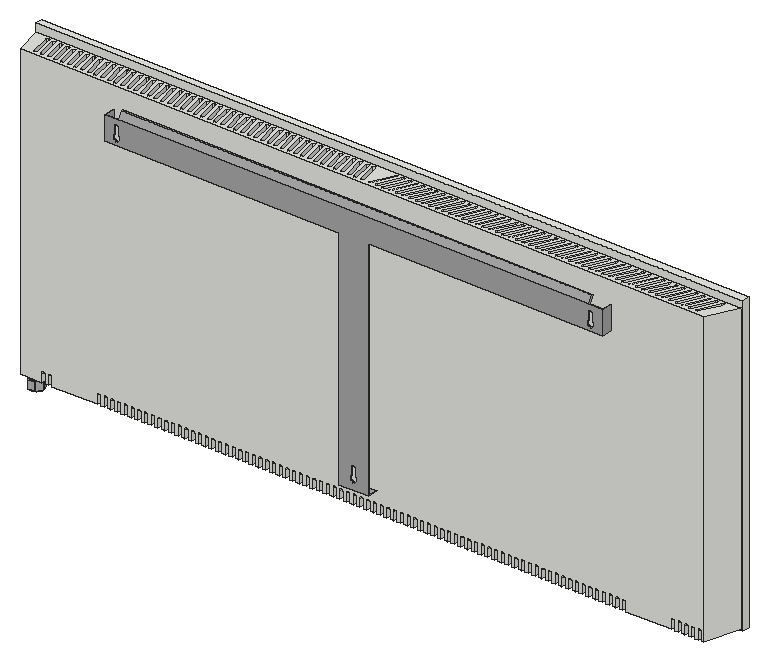
Revit family "Modern Plus", category Mechanical Equipment, host Wall, Revit 2020 (continued)
Definition of nested family "MDN 750 PLUS"
  Forms (mm)
    Revolve 62, void
      sketch origin (492.5, 200, 2) x (1, 0, 0) y (0, 1, 0)
        loop
          line (-345, -164.5) -> (-345, -177)
          arc (-345, -177) -> (-342.5, -179.5) -> (-340, -177) r 2.5
          line (-340, -177) -> (-340, -164.5) -> (-345, -164.5)
        axis (-345, -164.5) -> (-340, -164.5)
      angle from 0 to -90
    Revolve 63, void
      sketch origin (482.5, 200, 2) x (1, 0, 0) y (0, 1, 0)
        loop
          line (-345, -164.5) -> (-345, -177)
          arc (-345, -177) -> (-342.5, -179.5) -> (-340, -177) r 2.5
          line (-340, -177) -> (-340, -164.5) -> (-345, -164.5)
        axis (-345, -164.5) -> (-340, -164.5)
      angle from 0 to -90
    Revolve 64, void
      sketch origin (512.5, 200, 2) x (1, 0, 0) y (0, 1, 0)
        loop
          line (-345, -164.5) -> (-345, -177)
          arc (-345, -177) -> (-342.5, -179.5) -> (-340, -177) r 2.5
          line (-340, -177) -> (-340, -164.5) -> (-345, -164.5)
        axis (-345, -164.5) -> (-340, -164.5)
      angle from 0 to -90
    Revolve 65, void
      sketch origin (502.5, 200, 2) x (1, 0, 0) y (0, 1, 0)
        loop
          line (-345, -164.5) -> (-345, -177)
          arc (-345, -177) -> (-342.5, -179.5) -> (-340, -177) r 2.5
          line (-340, -177) -> (-340, -164.5) -> (-345, -164.5)
        axis (-345, -164.5) -> (-340, -164.5)
      angle from 0 to -90
    Revolve 66, void
      sketch origin (522.5, 200, 2) x (1, 0, 0) y (0, 1, 0)
        loop
          line (-345, -164.5) -> (-345, -177)
          arc (-345, -177) -> (-342.5, -179.5) -> (-340, -177) r 2.5
          line (-340, -177) -> (-340, -164.5) -> (-345, -164.5)
        axis (-345, -164.5) -> (-340, -164.5)
      angle from 0 to -90
    Revolve 67, void
      sketch origin (542.5, 200, 2) x (1, 0, 0) y (0, 1, 0)
        loop
          line (-345, -164.5) -> (-345, -177)
          arc (-345, -177) -> (-342.5, -179.5) -> (-340, -177) r 2.5
          line (-340, -177) -> (-340, -164.5) -> (-345, -164.5)
        axis (-345, -164.5) -> (-340, -164.5)
      angle from 0 to -90
    Revolve 68, void
      sketch origin (532.5, 200, 2) x (1, 0, 0) y (0, 1, 0)
        loop
          line (-345, -164.5) -> (-345, -177)
          arc (-345, -177) -> (-342.5, -179.5) -> (-340, -177) r 2.5
          line (-340, -177) -> (-340, -164.5) -> (-345, -164.5)
        axis (-345, -164.5) -> (-340, -164.5)
      angle from 0 to -90
    Revolve 69, void
      sketch origin (562.5, 200, 2) x (1, 0, 0) y (0, 1, 0)
        loop
          line (-345, -164.5) -> (-345, -177)
          arc (-345, -177) -> (-342.5, -179.5) -> (-340, -177) r 2.5
          line (-340, -177) -> (-340, -164.5) -> (-345, -164.5)
        axis (-345, -164.5) -> (-340, -164.5)
      angle from 0 to -90
    Revolve 70, void
      sketch origin (552.5, 200, 2) x (1, 0, 0) y (0, 1, 0)
        loop
          line (-345, -164.5) -> (-345, -177)
          arc (-345, -177) -> (-342.5, -179.5) -> (-340, -177) r 2.5
          line (-340, -177) -> (-340, -164.5) -> (-345, -164.5)
        axis (-345, -164.5) -> (-340, -164.5)
      angle from 0 to -90
    Revolve 71, void
      sketch origin (572.5, 200, 2) x (1, 0, 0) y (0, 1, 0)
        loop
          line (-345, -164.5) -> (-345, -177)
          arc (-345, -177) -> (-342.5, -179.5) -> (-340, -177) r 2.5
          line (-340, -177) -> (-340, -164.5) -> (-345, -164.5)
        axis (-345, -164.5) -> (-340, -164.5)
      angle from 0 to -90
    Revolve 72, void
      sketch origin (582.5, 200, 2) x (1, 0, 0) y (0, 1, 0)
        loop
          line (-345, -164.5) -> (-345, -177)
          arc (-345, -177) -> (-342.5, -179.5) -> (-340, -177) r 2.5
          line (-340, -177) -> (-340, -164.5) -> (-345, -164.5)
        axis (-345, -164.5) -> (-340, -164.5)
      angle from 0 to -90
    Extrusion 73, void
      sketch origin (0, 0, 0) x (1, 0, 0) y (0, 1, 0)
        loop
          circle (286, -13) r 2
        loop
          circle (264, -13) r 2
        loop
          circle (286, 21) r 2
        loop
          circle (264, 21) r 2
        loop
          circle (-264, -13) r 2
        loop
          circle (-286, -13) r 2
        loop
          circle (-264, 21) r 2
        loop
          circle (-286, 21) r 2
      from 2 to 7
    Extrusion 74, solid, material <- "Zwart"
      sketch origin (0, 0, 0) x (1, 0, 0) y (0, 1, 0)
        loop
          circle (357, -0.5) r 7
      from 0.5 to 2
    Revolve 75, solid, material <- "Colour"
      sketch origin (357, 0, 0) x (0, 1, 0) y (0, 0, 1)
        loop
          line (-0.5, 0.5) -> (-0.5, -21.5)
          arc (-0.5, -21.5) -> (1.621, -20.621) -> (2.5, -18.5) r 3
          line (2.5, -18.5) -> (2.5, 0.5) -> (-0.5, 0.5)
        axis (-0.5, 0.5) -> (-0.5, -21.5)
      angle from 0 to 360
    Extrusion 76, solid, material <- "Beugel"
      sketch origin (0, 0, 0) x (1, 0, 0) y (0, 0, 1)
        loop
          line (-201, 412) -> (-201, 402) -> (-222, 402) -> (-222, 367) -> (-22, 367) -> (-22, 32) -> (22, 32) -> (22, 367) -> (222, 367) -> (222, 402) -> (201, 402) -> (201, 412) -> (-201, 412)
        loop
          arc (-3, 51) -> (0, 42) -> (3, 51) r 5
          line (3, 51) -> (3, 62)
          arc (3, 62) -> (0, 65) -> (-3, 62) r 3
          line (-3, 62) -> (-3, 51)
        loop
          arc (-210, 381) -> (-207, 372) -> (-204, 381) r 5
          line (-204, 381) -> (-204, 392)
          arc (-204, 392) -> (-207, 395) -> (-210, 392) r 3
          line (-210, 392) -> (-210, 381)
        loop
          arc (204, 381) -> (207, 372) -> (210, 381) r 5
          line (210, 381) -> (210, 392)
          arc (210, 392) -> (207, 395) -> (204, 392) r 3
          line (204, 392) -> (204, 381)
      from -50.5 to -35.5
    Extrusion 77, void
      sketch origin (0, 0, 0) x (0, 1, 0) y (0, 0, 1)
        loop
          line (50.5, 412) -> (44.5, 412) -> (50.5, 402) -> (50.5, 412)
      from -201 to 201
    Extrusion 78, void
      sketch origin (0, 0, 0) x (0, 1, 0) y (0, 0, 1)
        loop
          line (35.5, 412) -> (35.5, 32.8) -> (49.7, 32.8) -> (49.7, 401.778) -> (43.567, 412) -> (35.5, 412)
      from -221.2 to 221.2
  Cuts and joins
    Sweep 2, Blend 3, Blend 4, Blend 5, Blend 6, Extrusion 7, Extrusion 14, Extrusion 15 cuts Extrusion 1
    Extrusion 11, Extrusion 12, Extrusion 13, Extrusion 16, Revolve 17, Revolve 18, Revolve 19, Revolve 20, Revolve 21, Revolve 22, Revolve 23, Revolve 24, Revolve 25, Revolve 26, Revolve 27, Revolve 28, Revolve 29, Revolve 30, Revolve 31, Revolve 32, Revolve 33, Revolve 34, Revolve 35, Revolve 36, Revolve 37, Revolve 38, Revolve 39, Revolve 40, Revolve 41, Revolve 42, Revolve 43, Revolve 44, Revolve 45, Revolve 46, Revolve 47, Revolve 48, Revolve 49, Revolve 50, Revolve 51, Revolve 52, Revolve 53, Revolve 54, Revolve 55, Revolve 56, Revolve 57, Revolve 58, Revolve 59, Revolve 60, Revolve 61, Revolve 62, Revolve 63, Revolve 64, Revolve 65, Revolve 66, Revolve 67, Revolve 68, Revolve 69, Revolve 70, Revolve 71, Revolve 72, Extrusion 73 cuts Extrusion 10
    Extrusion 77, Extrusion 78 cuts Extrusion 76
  Lines and regions (mm)
    sketch lines
      curve 1: line (375, -35.5, 440) -> (-375, -35.5, 440)
      curve 2: line (375, -35.5, 0) -> (375, -35.5, 440)
      curve 3: line (-375, -35.5, 0) -> (375, -35.5, 0)
      curve 4: line (-375, -35.5, 440) -> (-375, -35.5, 0)
  Dimensions and locks
    equal spacing: plane 8, plane 1 "Center (Front/Back)", plane 7
    "Diepte": plane 8 to plane 7
    equal spacing: plane 5, plane 3 "Center (Left/Right)", plane 4
    "Breedte": plane 5 to plane 4
    "Hoogte": plane 6 to level
    aligned and locked: level to plane 2
    aligned and locked: profile plane to Sweep 2 sketch curve  (x2)
  Automatic sketch dimensions
    Extrusion 1 sketch curve to level = 0 mm
    Extrusion 1 sketch curve to plane 5 = 0 mm
    Extrusion 1 sketch curve to plane 4 = 0 mm
    Extrusion 1 sketch curve to plane 6 = 0 mm
    profile plane to Sweep 2 sketch curve = 10 mm
    Sweep 2 sketch curve to profile plane = 10 mm
    Blend 3 sketch curve to plane 4 = 61 mm
    Blend 3 sketch curve to Blend 3 sketch curve = 1 mm  (x4)
    level to Blend 3 sketch curve = 62 mm
    Blend 3 sketch curve to plane 6 = 162 mm
    Blend 3 sketch curve to plane 4 = 64 mm
    Blend 3 sketch curve to Blend 3 sketch curve = 5 mm  (x2)
    level to Blend 3 sketch curve = 60 mm
    Blend 3 sketch curve to plane 6 = 161 mm
    plane 5 to Blend 4 sketch curve = 60 mm
    Blend 4 sketch curve to Blend 4 sketch curve = 1 mm  (x4)
    level to Blend 4 sketch curve = 62 mm
    Blend 4 sketch curve to plane 6 = 52 mm
    plane 5 to Blend 4 sketch curve = 57 mm
    Blend 4 sketch curve to Blend 4 sketch curve = 5 mm  (x2)
    level to Blend 4 sketch curve = 60 mm
    Blend 4 sketch curve to plane 6 = 51 mm
    Blend 5 sketch curve to plane 3 "Center (Left/Right)" = 106 mm
    Blend 5 sketch curve to Blend 5 sketch curve = 1 mm  (x4)
    level to Blend 5 sketch curve = 62 mm
    Blend 5 sketch curve to plane 6 = 52 mm
    Blend 5 sketch curve to plane 3 "Center (Left/Right)" = 109 mm
    Blend 5 sketch curve to Blend 5 sketch curve = 5 mm  (x2)
    level to Blend 5 sketch curve = 60 mm
    Blend 5 sketch curve to plane 6 = 51 mm
    plane 3 "Center (Left/Right)" to Blend 6 sketch curve = 105 mm
    Blend 6 sketch curve to Blend 6 sketch curve = 1 mm  (x4)
    level to Blend 6 sketch curve = 62 mm
    Blend 6 sketch curve to plane 6 = 52 mm
    plane 3 "Center (Left/Right)" to Blend 6 sketch curve = 102 mm
    Blend 6 sketch curve to Blend 6 sketch curve = 5 mm  (x2)
    level to Blend 6 sketch curve = 60 mm
    Blend 6 sketch curve to plane 6 = 51 mm
    Extrusion 7 sketch curve to plane 4 = 80 mm
    Extrusion 7 sketch curve to plane 4 = 40 mm
    Extrusion 7 sketch curve to plane 6 = 104 mm
    Extrusion 7 sketch curve to Extrusion 7 sketch curve = 40 mm
    Extrusion 8 sketch curve to plane 4 = 80 mm
    Extrusion 8 sketch curve to plane 4 = 40 mm
    Extrusion 8 sketch curve to plane 6 = 104 mm
    Extrusion 8 sketch curve to Extrusion 8 sketch curve = 40 mm
    Extrusion 9 sketch curve to plane 4 = 77.5 mm
    Extrusion 9 sketch curve to Extrusion 9 sketch curve = 0 mm  (x3)
    Extrusion 9 sketch curve to Extrusion 9 sketch curve = 2.8 mm  (x5)
    Extrusion 9 sketch curve to Extrusion 9 sketch curve = 7.9 mm  (x2)
    Extrusion 9 sketch curve to Extrusion 9 sketch curve = 8 mm  (x2)
    Extrusion 9 sketch curve to plane 6 = 123.5 mm
    Extrusion 9 sketch curve to Extrusion 9 sketch curve = 2.5 mm  (x6)
    Extrusion 9 sketch curve to Extrusion 9 sketch curve = 3.5 mm  (x4)
    Extrusion 10 sketch curve to plane 7 = 0 mm
    level to Extrusion 10 sketch curve = 2 mm
    Extrusion 10 sketch curve to plane 8 = 10 mm
    Extrusion 10 sketch curve to plane 6 = 11.98 mm
    Extrusion 10 sketch curve to plane 6 = 6 mm
    plane 7 to Extrusion 11 sketch curve = 0 mm
    Extrusion 11 sketch curve to plane 4 = 17.592 mm
    Extrusion 11 sketch curve to plane 4 = 2 mm
    plane 1 "Center (Front/Back)" to Extrusion 11 sketch curve = 15.5 mm
    plane 7 to Extrusion 12 sketch curve = 0 mm
    Extrusion 12 sketch curve to plane 5 = 17.592 mm
    Extrusion 12 sketch curve to plane 5 = 2 mm
    Extrusion 12 sketch curve to plane 1 "Center (Front/Back)" = 15.5 mm
    plane 1 "Center (Front/Back)" to Extrusion 13 sketch curve = 6.378 mm  (x70)
    plane 5 to Extrusion 13 sketch curve = 19.789 mm
    Extrusion 13 sketch curve to Extrusion 13 sketch curve = 2.391 mm  (x280)
    plane 1 "Center (Front/Back)" to Extrusion 13 sketch curve = 7.84 mm  (x69)
    Extrusion 13 sketch curve to Extrusion 13 sketch curve = 5.118 mm  (x136)
    plane 7 to Extrusion 13 sketch curve = 8.408 mm  (x68)
    plane 5 to Extrusion 13 sketch curve = 30.022 mm
    plane 7 to Extrusion 13 sketch curve = 9.87 mm  (x68)
    plane 3 "Center (Left/Right)" to Extrusion 13 sketch curve = 3.597 mm
    plane 3 "Center (Left/Right)" to Extrusion 13 sketch curve = 13.83 mm
    Extrusion 13 sketch curve to Extrusion 13 sketch curve = 1.462 mm  (x2)
    Extrusion 13 sketch curve to Extrusion 13 sketch curve = 0 mm
    Extrusion 13 sketch curve to Extrusion 13 sketch curve = 0.731 mm  (x2)
    Extrusion 14 sketch curve to plane 8 = 10 mm
    Extrusion 14 sketch curve to plane 4 = 122 mm
    plane 1 "Center (Front/Back)" to Extrusion 14 sketch curve = 15.5 mm
    Extrusion 14 sketch curve to Extrusion 14 sketch curve = 44 mm
    plane 8 to Extrusion 15 sketch curve = 10 mm
    Extrusion 15 sketch curve to plane 5 = 122 mm
    Extrusion 15 sketch curve to plane 1 "Center (Front/Back)" = 15.5 mm
    Extrusion 15 sketch curve to Extrusion 15 sketch curve = 44 mm
    plane 5 to Extrusion 16 sketch curve = 25 mm
    Extrusion 16 sketch curve to Extrusion 16 sketch curve = 2.5 mm  (x57)
    Extrusion 16 sketch curve to Extrusion 16 sketch curve = 5 mm  (x54)
    plane 1 "Center (Front/Back)" to Extrusion 16 sketch curve = 9 mm  (x31)
    Extrusion 16 sketch curve to Extrusion 16 sketch curve = 57.967 mm
    Extrusion 16 sketch curve to Extrusion 16 sketch curve = 2.266 mm
    plane 3 "Center (Left/Right)" to Extrusion 16 sketch curve = 2.5 mm
    Extrusion 16 sketch curve to Extrusion 16 sketch curve = 57.5 mm
    Extrusion 16 sketch curve to Extrusion 16 sketch curve = 0 mm  (x76)
    Extrusion 16 sketch curve to plane 1 "Center (Front/Back)" = 16 mm  (x9)
    plane 7 to Revolve 17 sketch curve = 0 mm  (x2)
    plane 5 to Revolve 17 sketch curve = 30 mm
    Revolve 17 sketch curve to Revolve 17 sketch curve = 2.5 mm  (x3)
    plane 7 to Revolve 17 sketch curve = 12.5 mm
    plane 7 to Revolve 18 sketch curve = 0 mm  (x2)
    plane 5 to Revolve 18 sketch curve = 20 mm
    Revolve 18 sketch curve to Revolve 18 sketch curve = 2.5 mm  (x3)
    plane 7 to Revolve 18 sketch curve = 12.5 mm
    plane 7 to Revolve 19 sketch curve = 0 mm  (x2)
    plane 7 to Revolve 19 sketch curve = 12.5 mm
    plane 5 to Revolve 19 sketch curve = 40 mm
    Revolve 19 sketch curve to Revolve 19 sketch curve = 2.5 mm  (x3)
    plane 7 to Revolve 20 sketch curve = 0 mm  (x2)
    plane 7 to Revolve 20 sketch curve = 12.5 mm
    plane 5 to Revolve 20 sketch curve = 60 mm
    Revolve 20 sketch curve to Revolve 20 sketch curve = 2.5 mm  (x3)
    plane 7 to Revolve 21 sketch curve = 0 mm  (x2)
    plane 7 to Revolve 21 sketch curve = 12.5 mm
    plane 5 to Revolve 21 sketch curve = 50 mm
    Revolve 21 sketch curve to Revolve 21 sketch curve = 2.5 mm  (x3)
    plane 7 to Revolve 22 sketch curve = 0 mm  (x2)
    plane 7 to Revolve 22 sketch curve = 12.5 mm
    Revolve 22 sketch curve to plane 4 = 60 mm
    Revolve 22 sketch curve to Revolve 22 sketch curve = 2.5 mm  (x3)
    plane 7 to Revolve 23 sketch curve = 0 mm  (x2)
    plane 7 to Revolve 23 sketch curve = 12.5 mm
    Revolve 23 sketch curve to plane 4 = 50 mm
    Revolve 23 sketch curve to Revolve 23 sketch curve = 2.5 mm  (x3)
    plane 7 to Revolve 24 sketch curve = 0 mm  (x2)
    plane 7 to Revolve 24 sketch curve = 12.5 mm
    plane 5 to Revolve 24 sketch curve = 142.5 mm
    Revolve 24 sketch curve to Revolve 24 sketch curve = 2.5 mm  (x3)
    plane 7 to Revolve 25 sketch curve = 0 mm  (x2)
    plane 7 to Revolve 25 sketch curve = 12.5 mm
    plane 5 to Revolve 25 sketch curve = 132.5 mm
    Revolve 25 sketch curve to Revolve 25 sketch curve = 2.5 mm  (x3)
    plane 7 to Revolve 26 sketch curve = 0 mm  (x2)
    plane 7 to Revolve 26 sketch curve = 12.5 mm
    plane 5 to Revolve 26 sketch curve = 152.5 mm
    Revolve 26 sketch curve to Revolve 26 sketch curve = 2.5 mm  (x3)
    plane 7 to Revolve 27 sketch curve = 0 mm  (x2)
    plane 7 to Revolve 27 sketch curve = 12.5 mm
    plane 5 to Revolve 27 sketch curve = 172.5 mm
    Revolve 27 sketch curve to Revolve 27 sketch curve = 2.5 mm  (x3)
    plane 7 to Revolve 28 sketch curve = 0 mm  (x2)
    plane 7 to Revolve 28 sketch curve = 12.5 mm
    plane 5 to Revolve 28 sketch curve = 162.5 mm
    Revolve 28 sketch curve to Revolve 28 sketch curve = 2.5 mm  (x3)
    plane 7 to Revolve 29 sketch curve = 0 mm  (x2)
    plane 7 to Revolve 29 sketch curve = 12.5 mm
    Revolve 29 sketch curve to plane 3 "Center (Left/Right)" = 182.5 mm
    Revolve 29 sketch curve to Revolve 29 sketch curve = 2.5 mm  (x3)
    plane 7 to Revolve 30 sketch curve = 0 mm  (x2)
    plane 7 to Revolve 30 sketch curve = 12.5 mm
    plane 5 to Revolve 30 sketch curve = 182.5 mm
    Revolve 30 sketch curve to Revolve 30 sketch curve = 2.5 mm  (x3)
    plane 7 to Revolve 31 sketch curve = 0 mm  (x2)
    plane 7 to Revolve 31 sketch curve = 12.5 mm
    Revolve 31 sketch curve to plane 3 "Center (Left/Right)" = 172.5 mm
    Revolve 31 sketch curve to Revolve 31 sketch curve = 2.5 mm  (x3)
    plane 7 to Revolve 32 sketch curve = 0 mm  (x2)
    plane 7 to Revolve 32 sketch curve = 12.5 mm
    Revolve 32 sketch curve to plane 3 "Center (Left/Right)" = 152.5 mm
    Revolve 32 sketch curve to Revolve 32 sketch curve = 2.5 mm  (x3)
    plane 7 to Revolve 33 sketch curve = 0 mm  (x2)
    plane 7 to Revolve 33 sketch curve = 12.5 mm
    Revolve 33 sketch curve to plane 3 "Center (Left/Right)" = 162.5 mm
    Revolve 33 sketch curve to Revolve 33 sketch curve = 2.5 mm  (x3)
    plane 7 to Revolve 34 sketch curve = 0 mm  (x2)
    plane 7 to Revolve 34 sketch curve = 12.5 mm
    Revolve 34 sketch curve to plane 3 "Center (Left/Right)" = 132.5 mm
    Revolve 34 sketch curve to Revolve 34 sketch curve = 2.5 mm  (x3)
    plane 7 to Revolve 35 sketch curve = 0 mm  (x2)
    plane 7 to Revolve 35 sketch curve = 12.5 mm
    Revolve 35 sketch curve to plane 3 "Center (Left/Right)" = 142.5 mm
    Revolve 35 sketch curve to Revolve 35 sketch curve = 2.5 mm  (x3)
    plane 7 to Revolve 36 sketch curve = 0 mm  (x2)
    plane 7 to Revolve 36 sketch curve = 12.5 mm
    Revolve 36 sketch curve to plane 3 "Center (Left/Right)" = 122.5 mm
    Revolve 36 sketch curve to Revolve 36 sketch curve = 2.5 mm  (x3)
    plane 7 to Revolve 37 sketch curve = 0 mm  (x2)
    plane 7 to Revolve 37 sketch curve = 12.5 mm
    Revolve 37 sketch curve to plane 3 "Center (Left/Right)" = 102.5 mm
    Revolve 37 sketch curve to Revolve 37 sketch curve = 2.5 mm  (x3)
    plane 7 to Revolve 38 sketch curve = 0 mm  (x2)
    plane 7 to Revolve 38 sketch curve = 12.5 mm
    Revolve 38 sketch curve to plane 3 "Center (Left/Right)" = 112.5 mm
    Revolve 38 sketch curve to Revolve 38 sketch curve = 2.5 mm  (x3)
    plane 7 to Revolve 39 sketch curve = 0 mm  (x2)
    plane 7 to Revolve 39 sketch curve = 12.5 mm
    Revolve 39 sketch curve to plane 3 "Center (Left/Right)" = 82.5 mm
    Revolve 39 sketch curve to Revolve 39 sketch curve = 2.5 mm  (x3)
    plane 7 to Revolve 40 sketch curve = 0 mm  (x2)
    plane 7 to Revolve 40 sketch curve = 12.5 mm
    Revolve 40 sketch curve to plane 3 "Center (Left/Right)" = 92.5 mm
    Revolve 40 sketch curve to Revolve 40 sketch curve = 2.5 mm  (x3)
    plane 7 to Revolve 41 sketch curve = 0 mm  (x2)
    plane 7 to Revolve 41 sketch curve = 12.5 mm
    Revolve 41 sketch curve to plane 3 "Center (Left/Right)" = 72.5 mm
    Revolve 41 sketch curve to Revolve 41 sketch curve = 2.5 mm  (x3)
    plane 7 to Revolve 42 sketch curve = 0 mm  (x2)
    plane 7 to Revolve 42 sketch curve = 12.5 mm
    Revolve 42 sketch curve to plane 3 "Center (Left/Right)" = 52.5 mm
    Revolve 42 sketch curve to Revolve 42 sketch curve = 2.5 mm  (x3)
    plane 7 to Revolve 43 sketch curve = 0 mm  (x2)
    plane 7 to Revolve 43 sketch curve = 12.5 mm
    Revolve 43 sketch curve to plane 3 "Center (Left/Right)" = 62.5 mm
    Revolve 43 sketch curve to Revolve 43 sketch curve = 2.5 mm  (x3)
    plane 7 to Revolve 44 sketch curve = 0 mm  (x2)
    Revolve 44 sketch curve to plane 3 "Center (Left/Right)" = 32.5 mm
    Revolve 44 sketch curve to Revolve 44 sketch curve = 2.5 mm  (x3)
    plane 7 to Revolve 44 sketch curve = 12.5 mm
    plane 7 to Revolve 45 sketch curve = 0 mm  (x2)
    plane 7 to Revolve 45 sketch curve = 12.5 mm
    Revolve 45 sketch curve to plane 3 "Center (Left/Right)" = 42.5 mm
    Revolve 45 sketch curve to Revolve 45 sketch curve = 2.5 mm  (x3)
    plane 7 to Revolve 46 sketch curve = 0 mm  (x2)
    Revolve 46 sketch curve to plane 3 "Center (Left/Right)" = 22.5 mm
    Revolve 46 sketch curve to Revolve 46 sketch curve = 2.5 mm  (x3)
    plane 7 to Revolve 46 sketch curve = 12.5 mm
    plane 7 to Revolve 47 sketch curve = 0 mm  (x2)
    Revolve 47 sketch curve to plane 3 "Center (Left/Right)" = 0 mm
    Revolve 47 sketch curve to plane 3 "Center (Left/Right)" = 2.5 mm
    plane 7 to Revolve 47 sketch curve = 12.5 mm
    Revolve 47 sketch curve to Revolve 47 sketch curve = 2.5 mm  (x2)
    plane 7 to Revolve 48 sketch curve = 0 mm  (x2)
    Revolve 48 sketch curve to plane 3 "Center (Left/Right)" = 12.5 mm
    Revolve 48 sketch curve to Revolve 48 sketch curve = 2.5 mm  (x3)
    plane 7 to Revolve 48 sketch curve = 12.5 mm
    plane 7 to Revolve 49 sketch curve = 0 mm  (x2)
    plane 3 "Center (Left/Right)" to Revolve 49 sketch curve = 17.5 mm
    Revolve 49 sketch curve to Revolve 49 sketch curve = 2.5 mm  (x3)
    plane 7 to Revolve 49 sketch curve = 12.5 mm
    plane 7 to Revolve 50 sketch curve = 0 mm  (x2)
    plane 3 "Center (Left/Right)" to Revolve 50 sketch curve = 7.5 mm
    Revolve 50 sketch curve to Revolve 50 sketch curve = 2.5 mm  (x3)
    plane 7 to Revolve 50 sketch curve = 12.5 mm
    plane 7 to Revolve 51 sketch curve = 0 mm  (x2)
    plane 3 "Center (Left/Right)" to Revolve 51 sketch curve = 27.5 mm
    Revolve 51 sketch curve to Revolve 51 sketch curve = 2.5 mm  (x3)
    plane 7 to Revolve 51 sketch curve = 12.5 mm
    plane 7 to Revolve 52 sketch curve = 0 mm  (x2)
    plane 7 to Revolve 52 sketch curve = 12.5 mm
    plane 3 "Center (Left/Right)" to Revolve 52 sketch curve = 47.5 mm
    Revolve 52 sketch curve to Revolve 52 sketch curve = 2.5 mm  (x3)
    plane 7 to Revolve 53 sketch curve = 0 mm  (x2)
    plane 3 "Center (Left/Right)" to Revolve 53 sketch curve = 37.5 mm
    Revolve 53 sketch curve to Revolve 53 sketch curve = 2.5 mm  (x3)
    plane 7 to Revolve 53 sketch curve = 12.5 mm
    plane 7 to Revolve 54 sketch curve = 0 mm  (x2)
    plane 7 to Revolve 54 sketch curve = 12.5 mm
    plane 3 "Center (Left/Right)" to Revolve 54 sketch curve = 67.5 mm
    Revolve 54 sketch curve to Revolve 54 sketch curve = 2.5 mm  (x3)
    plane 7 to Revolve 55 sketch curve = 0 mm  (x2)
    plane 7 to Revolve 55 sketch curve = 12.5 mm
    plane 3 "Center (Left/Right)" to Revolve 55 sketch curve = 57.5 mm
    Revolve 55 sketch curve to Revolve 55 sketch curve = 2.5 mm  (x3)
    plane 7 to Revolve 56 sketch curve = 0 mm  (x2)
    plane 7 to Revolve 56 sketch curve = 12.5 mm
    plane 3 "Center (Left/Right)" to Revolve 56 sketch curve = 77.5 mm
    Revolve 56 sketch curve to Revolve 56 sketch curve = 2.5 mm  (x3)
    plane 7 to Revolve 57 sketch curve = 0 mm  (x2)
    plane 7 to Revolve 57 sketch curve = 12.5 mm
    plane 3 "Center (Left/Right)" to Revolve 57 sketch curve = 97.5 mm
    Revolve 57 sketch curve to Revolve 57 sketch curve = 2.5 mm  (x3)
    plane 7 to Revolve 58 sketch curve = 0 mm  (x2)
    plane 7 to Revolve 58 sketch curve = 12.5 mm
    plane 3 "Center (Left/Right)" to Revolve 58 sketch curve = 87.5 mm
    Revolve 58 sketch curve to Revolve 58 sketch curve = 2.5 mm  (x3)
    plane 7 to Revolve 59 sketch curve = 0 mm  (x2)
    plane 7 to Revolve 59 sketch curve = 12.5 mm
    plane 3 "Center (Left/Right)" to Revolve 59 sketch curve = 117.5 mm
    Revolve 59 sketch curve to Revolve 59 sketch curve = 2.5 mm  (x3)
    plane 7 to Revolve 60 sketch curve = 0 mm  (x2)
    plane 7 to Revolve 60 sketch curve = 12.5 mm
    plane 3 "Center (Left/Right)" to Revolve 60 sketch curve = 107.5 mm
    Revolve 60 sketch curve to Revolve 60 sketch curve = 2.5 mm  (x3)
    plane 7 to Revolve 61 sketch curve = 0 mm  (x2)
    plane 7 to Revolve 61 sketch curve = 12.5 mm
    plane 3 "Center (Left/Right)" to Revolve 61 sketch curve = 127.5 mm
    Revolve 61 sketch curve to Revolve 61 sketch curve = 2.5 mm  (x3)
    plane 7 to Revolve 62 sketch curve = 0 mm  (x2)
    plane 7 to Revolve 62 sketch curve = 12.5 mm
    plane 3 "Center (Left/Right)" to Revolve 62 sketch curve = 147.5 mm
    Revolve 62 sketch curve to Revolve 62 sketch curve = 2.5 mm  (x3)
    plane 7 to Revolve 63 sketch curve = 0 mm  (x2)
    plane 7 to Revolve 63 sketch curve = 12.5 mm
    plane 3 "Center (Left/Right)" to Revolve 63 sketch curve = 137.5 mm
    Revolve 63 sketch curve to Revolve 63 sketch curve = 2.5 mm  (x3)
    plane 7 to Revolve 64 sketch curve = 0 mm  (x2)
    plane 7 to Revolve 64 sketch curve = 12.5 mm
    plane 3 "Center (Left/Right)" to Revolve 64 sketch curve = 167.5 mm
    Revolve 64 sketch curve to Revolve 64 sketch curve = 2.5 mm  (x3)
    plane 7 to Revolve 65 sketch curve = 0 mm  (x2)
    plane 7 to Revolve 65 sketch curve = 12.5 mm
    plane 3 "Center (Left/Right)" to Revolve 65 sketch curve = 157.5 mm
    Revolve 65 sketch curve to Revolve 65 sketch curve = 2.5 mm  (x3)
    plane 7 to Revolve 66 sketch curve = 0 mm  (x2)
    plane 7 to Revolve 66 sketch curve = 12.5 mm
    plane 3 "Center (Left/Right)" to Revolve 66 sketch curve = 177.5 mm
    Revolve 66 sketch curve to Revolve 66 sketch curve = 2.5 mm  (x3)
    plane 7 to Revolve 67 sketch curve = 0 mm  (x2)
    plane 7 to Revolve 67 sketch curve = 12.5 mm
    Revolve 67 sketch curve to plane 4 = 177.5 mm
    Revolve 67 sketch curve to Revolve 67 sketch curve = 2.5 mm  (x3)
    plane 7 to Revolve 68 sketch curve = 0 mm  (x2)
    plane 7 to Revolve 68 sketch curve = 12.5 mm
    plane 3 "Center (Left/Right)" to Revolve 68 sketch curve = 187.5 mm
    Revolve 68 sketch curve to Revolve 68 sketch curve = 2.5 mm  (x3)
    plane 7 to Revolve 69 sketch curve = 0 mm  (x2)
    plane 7 to Revolve 69 sketch curve = 12.5 mm
    Revolve 69 sketch curve to plane 4 = 157.5 mm
    Revolve 69 sketch curve to Revolve 69 sketch curve = 2.5 mm  (x3)
    plane 7 to Revolve 70 sketch curve = 0 mm  (x2)
    plane 7 to Revolve 70 sketch curve = 12.5 mm
    Revolve 70 sketch curve to plane 4 = 167.5 mm
    Revolve 70 sketch curve to Revolve 70 sketch curve = 2.5 mm  (x3)
    plane 7 to Revolve 71 sketch curve = 0 mm  (x2)
    plane 7 to Revolve 71 sketch curve = 12.5 mm
    Revolve 71 sketch curve to plane 4 = 147.5 mm
    Revolve 71 sketch curve to Revolve 71 sketch curve = 2.5 mm  (x3)
    plane 7 to Revolve 72 sketch curve = 0 mm  (x2)
    plane 7 to Revolve 72 sketch curve = 12.5 mm
    Revolve 72 sketch curve to plane 4 = 137.5 mm
    Revolve 72 sketch curve to Revolve 72 sketch curve = 2.5 mm  (x3)
    plane 1 "Center (Front/Back)" to Extrusion 73 sketch curve = 13 mm  (x4)
    plane 5 to Extrusion 73 sketch curve = 89 mm
    plane 7 to Extrusion 73 sketch curve = 14.5 mm  (x4)
    Extrusion 73 sketch curve to Extrusion 73 sketch curve = 0 mm  (x2)
    Extrusion 73 sketch curve to Extrusion 73 sketch curve = 22 mm  (x4)
    Extrusion 73 sketch curve to plane 4 = 111 mm
    plane 1 "Center (Front/Back)" to Extrusion 74 sketch curve = 0.5 mm
    Extrusion 74 sketch curve to plane 4 = 18 mm
    plane 1 "Center (Front/Back)" to Revolve 75 sketch curve = 0.5 mm  (x2)
    level to Revolve 75 sketch curve = 0.5 mm
    Revolve 75 sketch curve to plane 1 "Center (Front/Back)" = 2.5 mm
    Revolve 75 sketch curve to level = 18.5 mm
    Revolve 75 sketch curve to Revolve 75 sketch curve = 0.894 mm
    Revolve 75 sketch curve to Revolve 75 sketch curve = 3.899 mm
    Extrusion 76 sketch curve to plane 11 = 0 mm
    Extrusion 76 sketch curve to plane 10 = 0 mm
    Extrusion 76 sketch curve to plane 14 = 0 mm
    Extrusion 76 sketch curve to plane 13 = 0 mm
    Extrusion 76 sketch curve to plane 17 = 0 mm
    Extrusion 76 sketch curve to plane 3 "Center (Left/Right)" = 0 mm  (x2)
    Extrusion 76 sketch curve to plane 18 = 0 mm
    Extrusion 76 sketch curve to plane 15 = 0 mm
    Extrusion 76 sketch curve to plane 12 = 0 mm
    Extrusion 76 sketch curve to plane 16 = 0 mm  (x2)
    Extrusion 76 sketch curve to plane 9 = 0 mm  (x2)
    Extrusion 76 sketch curve to plane 14 = 9 mm
    Extrusion 76 sketch curve to Extrusion 76 sketch curve = 3 mm  (x3)
    Extrusion 76 sketch curve to plane 3 "Center (Left/Right)" = 3 mm
    Extrusion 76 sketch curve to plane 12 = 18 mm
    Extrusion 76 sketch curve to plane 12 = 15 mm
    plane 13 to Extrusion 76 sketch curve = 15 mm
    Extrusion 76 sketch curve to Extrusion 76 sketch curve = 4 mm  (x3)
    Extrusion 76 sketch curve to Extrusion 76 sketch curve = 11 mm
    plane 16 to Extrusion 76 sketch curve = 10 mm  (x2)
    Extrusion 76 sketch curve to plane 9 = 10 mm  (x2)
    Extrusion 77 sketch curve to plane 9 = 0 mm
    Extrusion 77 sketch curve to plane 10 = 0 mm
    Extrusion 77 sketch curve to plane 7 = 9 mm
    Extrusion 77 sketch curve to Extrusion 77 sketch curve = 6 mm
    Extrusion 78 sketch curve to plane 7 = 0 mm
    Extrusion 78 sketch curve to plane 9 = 0.222 mm
    plane 13 to Extrusion 78 sketch curve = 0.8 mm
    Extrusion 78 sketch curve to plane 10 = 0 mm
    Extrusion 78 sketch curve to plane 7 = 14.2 mm
    Extrusion 78 sketch curve to plane 7 = 8.067 mm
    radius of Extrusion 73 sketch curve = 2 mm  (x8)
    radius of Extrusion 74 sketch curve = 7 mm
  Nested families
    nested 1: "Aansluiting 1" at (345, 20.5, -19), type "Aansluiting 1"
  Connectors
    electrical at (345, 20.5, -14), driven by "Phase", driven by "Power (default)", driven by "Voltage"
      settings: on nested 1, index 1, voltage 230 V, apparent load 750 VA, apparent load phase1 0 VA, apparent load phase2 0 VA, apparent load phase3 0 VA, power factor 1, load classification none, number of poles 1, system type 30, power factor state 1, is connector primary yes, connector utility no, sub classification motor no, connector description ""
  Definition of nested family "Aansluiting 1"
    Parameters (values of type "Aansluiting 1")
      Licht grijs = none
      Default Elevation = 0 mm
    Reference planes
      plane 1 "Center (Front/Back)": y = 0
      plane 2: z = 0
      plane 3 "Center (Left/Right)": x = 0
      plane 4: z = 21
    Forms (mm)
      Extrusion 1, solid, material <- "Licht grijs"
        sketch origin (0, 0, 0) x (1, 0, 0) y (0, 1, 0)
          loop
            line (-6.321, 9.053) -> (-11, 0.947) -> (-11, -0.947) -> (-6.321, -9.053) -> (-4.679, -10) -> (4.679, -10) -> (6.321, -9.053) -> (11, -0.947) -> (11, 0.947) -> (6.321, 9.053) -> (4.679, 10) -> (-4.679, 10) -> (-6.321, 9.053)
        from 16 to 21
      Extrusion 2, solid, material <- "Licht grijs"
        sketch origin (0, 0, 0) x (1, 0, 0) y (0, 1, 0)
          loop
            circle (0, 0) r 7
        from 14 to 16
      Extrusion 3, solid, material <- "Licht grijs"
        sketch origin (0, 0, 0) x (1, 0, 0) y (0, 1, 0)
          loop
            line (-6.321, 9.053) -> (-11, 0.947) -> (-11, -0.947) -> (-6.321, -9.053) -> (-4.679, -10) -> (4.679, -10) -> (6.321, -9.053) -> (11, -0.947) -> (11, 0.947) -> (6.321, 9.053) -> (4.679, 10) -> (-4.679, 10) -> (-6.321, 9.053)
        from -0.5 to 14
      Revolve 4, void
        sketch origin (0, 0, 0) x (1, 0, 0) y (0, 0, 1)
          loop
            line (-5.547, 0.004) -> (-6.347, 0.004)
            arc (-6.347, 0.004) -> (-10.354, 1.435) -> (-12.547, 5.081) r 6.324
            line (-12.547, 5.081) -> (-12.547, -1) -> (0, -1) -> (0, 5) -> (-5.547, 5) -> (-5.547, 0.004)
          axis (0, 5.081) -> (0, -1)
        angle from 0 to 360
    Cuts and joins
      Revolve 4 cuts Extrusion 3
    Dimensions and locks
      aligned and locked: level to plane 2
Definition of nested family "MDN 1500 PLUS"
  Parameters (values of type "MDN 1500 PLUS")
    Zwart = none
    Voltage = 230 V
    URL = "https://masterwatt.nl/"
    Power (default) = 1500 VA
    Phase = 1
    Model = "MDN 1500 PLUS"
    Manufacturer = "Masterwatt B.V."
    Default Elevation = 0 mm
    Copyright = "Masterwatt B.V."  # constant formula
    Colour = none
    Scherm = none
    Metaal = none
    Licht grijs = none
    Diepte = 71 mm
    Hoogte = 440 mm
    Breedte = 1050 mm
    Art. No. = "429 754 214"
  Reference planes
    plane 1 "Center (Front/Back)": y = 0
    plane 2: z = 0
    plane 3 "Center (Left/Right)": x = 0
    plane 4: z = 440
    plane 5: y = 35.5
    plane 6: y = -35.5
    plane 7: x = -525
    plane 8: x = 525
  Forms (mm)
    Extrusion 1, solid, material <- "Colour"
      sketch origin (0, 0, 0) x (1, 0, 0) y (0, 0, 1)
        loop
          line (-525, 440) -> (-525, 0) -> (525, 0) -> (525, 440) -> (-525, 440)
      from 15.5 to 35.5
    Sweep 2, void
      path in 3D
        loop
          line (-525, -35.5, 440) -> (-525, -35.5, 0) -> (525, -35.5, 0) -> (525, -35.5, 440) -> (-525, -35.5, 440)
      profile origin (0, -35.5, 440) x (0, -1, 0) y (0, 0, 1)
        loop
          line (0, 0) -> (-10, 0) -> (0, -10) -> (0, 0)
    Blend 3, void
      base sketch origin (150, 0, 0) x (1, 0, 0) y (0, 0, 1)
        loop
          line (314, 278) -> (314, 62) -> (315, 62) -> (315, 278) -> (314, 278)
      top sketch origin (150, 0, 0) x (1, 0, 0) y (0, 0, 1)
        loop
          arc (312, 280) -> (311.293, 279.707) -> (311, 279) r 1
          line (311, 279) -> (311, 61)
          arc (311, 61) -> (311.293, 60.293) -> (312, 60) r 1
          line (312, 60) -> (317, 60)
          arc (317, 60) -> (317.707, 60.293) -> (318, 61) r 1
          line (318, 61) -> (318, 279)
          arc (318, 279) -> (317.707, 279.707) -> (317, 280) r 1
          line (317, 280) -> (312, 280)
      from 34 to 36
    Blend 4, void
      base sketch origin (-779, 0, 0) x (1, 0, 0) y (0, 0, 1)
        loop
          line (314, 388) -> (314, 62) -> (315, 62) -> (315, 388) -> (314, 388)
      top sketch origin (-779, 0, 0) x (1, 0, 0) y (0, 0, 1)
        loop
          arc (312, 390) -> (311.293, 389.707) -> (311, 389) r 1
          line (311, 389) -> (311, 61)
          arc (311, 61) -> (311.293, 60.293) -> (312, 60) r 1
          line (312, 60) -> (317, 60)
          arc (317, 60) -> (317.707, 60.293) -> (318, 61) r 1
          line (318, 61) -> (318, 389)
          arc (318, 389) -> (317.707, 389.707) -> (317, 390) r 1
          line (317, 390) -> (312, 390)
      from 34 to 36
    Blend 5, void
      base sketch origin (-314.5, 0, 0) x (1, 0, 0) y (0, 0, 1)
        loop
          line (314, 388) -> (314, 62) -> (315, 62) -> (315, 388) -> (314, 388)
      top sketch origin (-314.5, 0, 0) x (1, 0, 0) y (0, 0, 1)
        loop
          arc (312, 390) -> (311.293, 389.707) -> (311, 389) r 1
          line (311, 389) -> (311, 61)
          arc (311, 61) -> (311.293, 60.293) -> (312, 60) r 1
          line (312, 60) -> (317, 60)
          arc (317, 60) -> (317.707, 60.293) -> (318, 61) r 1
          line (318, 61) -> (318, 389)
          arc (318, 389) -> (317.707, 389.707) -> (317, 390) r 1
          line (317, 390) -> (312, 390)
      from 34 to 36
    Extrusion 6, void
      sketch origin (150, 0, 0) x (1, 0, 0) y (0, 0, 1)
        loop
          line (295, 376) -> (295, 336) -> (335, 336) -> (335, 376) -> (295, 376)
      from 31.5 to 35.5
    Extrusion 7, solid, material <- "Scherm"
      sketch origin (150, 0, 0) x (1, 0, 0) y (0, 0, 1)
        loop
          line (295, 376) -> (295, 336) -> (335, 336) -> (335, 376) -> (295, 376)
      from 31.5 to 35.5
    Extrusion 8, solid, material <- "Licht grijs"
      sketch origin (150, 0, 0) x (1, 0, 0) y (0, 0, 1)
        loop
          arc (297.5, 321.5) -> (295, 319) -> (297.5, 316.5) r 2.5
          line (297.5, 316.5) -> (311, 316.5)
          arc (311, 316.5) -> (313.5, 319) -> (311, 321.5) r 2.5
          line (311, 321.5) -> (297.5, 321.5)
        loop
          arc (319, 321.5) -> (316.5, 319) -> (319, 316.5) r 2.5
          line (319, 316.5) -> (332.5, 316.5)
          arc (332.5, 316.5) -> (335, 319) -> (332.5, 321.5) r 2.5
          line (332.5, 321.5) -> (319, 321.5)
        loop
          arc (297.5, 330) -> (295, 327.5) -> (297.5, 325) r 2.5
          line (297.5, 325) -> (300.3, 325)
          arc (300.3, 325) -> (302.8, 327.5) -> (300.3, 330) r 2.5
          line (300.3, 330) -> (297.5, 330)
        loop
          arc (319, 330) -> (316.5, 327.5) -> (319, 325) r 2.5
          line (319, 325) -> (321.8, 325)
          arc (321.8, 325) -> (324.3, 327.5) -> (321.8, 330) r 2.5
          line (321.8, 330) -> (319, 330)
        loop
          arc (329.7, 330) -> (327.2, 327.5) -> (329.7, 325) r 2.5
          line (329.7, 325) -> (332.5, 325)
          arc (332.5, 325) -> (335, 327.5) -> (332.5, 330) r 2.5
          line (332.5, 330) -> (329.7, 330)
        loop
          arc (308.2, 330) -> (305.7, 327.5) -> (308.2, 325) r 2.5
          line (308.2, 325) -> (311, 325)
          arc (311, 325) -> (313.5, 327.5) -> (311, 330) r 2.5
          line (311, 330) -> (308.2, 330)
      from 35.5 to 39.5
    Extrusion 9, solid
      sketch origin (0, 0, 0) x (0, 1, 0) y (0, 0, 1)
        loop
          line (-25.5, 2) -> (35.5, 2) -> (35.5, 434) -> (-25.5, 428.02) -> (-25.5, 2)
      from -523 to 523
    Extrusion 10, void
      sketch origin (150, 0, 0) x (1, 0, 0) y (0, 1, 0)
        loop
          line (373, -15.5) -> (373, 35.5) -> (357.408, 35.5) -> (373, -15.5)
      from 2 to 440
    Extrusion 11, void
      sketch origin (-150, 0, 0) x (-1, 0, 0) y (0, -1, 0)
        loop
          line (373, 15.5) -> (357.408, -35.5) -> (373, -35.5) -> (373, 15.5)
      from 2 to 440
    Extrusion 12, void
      sketch origin (0, 0, 0) x (1, 0, 0) y (0, 1, 0)
        loop
          arc (350.43, -7.84) -> (353.551, -9.5) -> (355.211, -6.378) r 2.5
          line (355.211, -6.378) -> (344.978, 27.092)
          arc (344.978, 27.092) -> (341.857, 28.752) -> (340.197, 25.63) r 2.5
          line (340.197, 25.63) -> (350.43, -7.84)
        loop
          arc (340.53, -7.84) -> (343.651, -9.5) -> (345.311, -6.378) r 2.5
          line (345.311, -6.378) -> (335.078, 27.092)
          arc (335.078, 27.092) -> (331.957, 28.752) -> (330.297, 25.63) r 2.5
          line (330.297, 25.63) -> (340.53, -7.84)
        loop
          arc (330.63, -7.84) -> (333.751, -9.5) -> (335.411, -6.378) r 2.5
          line (335.411, -6.378) -> (325.178, 27.092)
          arc (325.178, 27.092) -> (322.057, 28.752) -> (320.397, 25.63) r 2.5
          line (320.397, 25.63) -> (330.63, -7.84)
        loop
          arc (320.73, -7.84) -> (323.851, -9.5) -> (325.511, -6.378) r 2.5
          line (325.511, -6.378) -> (315.278, 27.092)
          arc (315.278, 27.092) -> (312.157, 28.752) -> (310.497, 25.63) r 2.5
          line (310.497, 25.63) -> (320.73, -7.84)
        loop
          arc (310.83, -7.84) -> (313.951, -9.5) -> (315.611, -6.378) r 2.5
          line (315.611, -6.378) -> (305.378, 27.092)
          arc (305.378, 27.092) -> (302.257, 28.752) -> (300.597, 25.63) r 2.5
          line (300.597, 25.63) -> (310.83, -7.84)
        loop
          arc (300.93, -7.84) -> (304.051, -9.5) -> (305.711, -6.378) r 2.5
          line (305.711, -6.378) -> (295.478, 27.092)
          arc (295.478, 27.092) -> (292.357, 28.752) -> (290.697, 25.63) r 2.5
          line (290.697, 25.63) -> (300.93, -7.84)
        loop
          arc (291.03, -7.84) -> (294.151, -9.5) -> (295.811, -6.378) r 2.5
          line (295.811, -6.378) -> (285.578, 27.092)
          arc (285.578, 27.092) -> (282.457, 28.752) -> (280.797, 25.63) r 2.5
          line (280.797, 25.63) -> (291.03, -7.84)
        loop
          arc (281.13, -7.84) -> (284.251, -9.5) -> (285.911, -6.378) r 2.5
          line (285.911, -6.378) -> (275.678, 27.092)
          arc (275.678, 27.092) -> (272.557, 28.752) -> (270.897, 25.63) r 2.5
          line (270.897, 25.63) -> (281.13, -7.84)
        loop
          arc (271.23, -7.84) -> (274.351, -9.5) -> (276.011, -6.378) r 2.5
          line (276.011, -6.378) -> (265.778, 27.092)
          arc (265.778, 27.092) -> (262.657, 28.752) -> (260.997, 25.63) r 2.5
          line (260.997, 25.63) -> (271.23, -7.84)
        loop
          arc (261.33, -7.84) -> (264.451, -9.5) -> (266.111, -6.378) r 2.5
          line (266.111, -6.378) -> (255.878, 27.092)
          arc (255.878, 27.092) -> (252.757, 28.752) -> (251.097, 25.63) r 2.5
          line (251.097, 25.63) -> (261.33, -7.84)
        loop
          arc (251.43, -7.84) -> (254.551, -9.5) -> (256.211, -6.378) r 2.5
          line (256.211, -6.378) -> (245.978, 27.092)
          arc (245.978, 27.092) -> (242.857, 28.752) -> (241.197, 25.63) r 2.5
          line (241.197, 25.63) -> (251.43, -7.84)
        loop
          arc (241.53, -7.84) -> (244.651, -9.5) -> (246.311, -6.378) r 2.5
          line (246.311, -6.378) -> (236.078, 27.092)
          arc (236.078, 27.092) -> (232.957, 28.752) -> (231.297, 25.63) r 2.5
          line (231.297, 25.63) -> (241.53, -7.84)
        loop
          arc (231.63, -7.84) -> (234.751, -9.5) -> (236.411, -6.378) r 2.5
          line (236.411, -6.378) -> (226.178, 27.092)
          arc (226.178, 27.092) -> (223.057, 28.752) -> (221.397, 25.63) r 2.5
          line (221.397, 25.63) -> (231.63, -7.84)
        loop
          arc (221.73, -7.84) -> (224.851, -9.5) -> (226.511, -6.378) r 2.5
          line (226.511, -6.378) -> (216.278, 27.092)
          arc (216.278, 27.092) -> (213.157, 28.752) -> (211.497, 25.63) r 2.5
          line (211.497, 25.63) -> (221.73, -7.84)
        loop
          arc (211.83, -7.84) -> (214.951, -9.5) -> (216.611, -6.378) r 2.5
          line (216.611, -6.378) -> (206.378, 27.092)
          arc (206.378, 27.092) -> (203.257, 28.752) -> (201.597, 25.63) r 2.5
          line (201.597, 25.63) -> (211.83, -7.84)
        loop
          arc (201.93, -7.84) -> (205.051, -9.5) -> (206.711, -6.378) r 2.5
          line (206.711, -6.378) -> (196.478, 27.092)
          arc (196.478, 27.092) -> (193.357, 28.752) -> (191.697, 25.63) r 2.5
          line (191.697, 25.63) -> (201.93, -7.84)
        loop
          arc (192.03, -7.84) -> (195.151, -9.5) -> (196.811, -6.378) r 2.5
          line (196.811, -6.378) -> (186.578, 27.092)
          arc (186.578, 27.092) -> (183.457, 28.752) -> (181.797, 25.63) r 2.5
          line (181.797, 25.63) -> (192.03, -7.84)
        loop
          arc (182.13, -7.84) -> (185.251, -9.5) -> (186.911, -6.378) r 2.5
          line (186.911, -6.378) -> (176.678, 27.092)
          arc (176.678, 27.092) -> (173.557, 28.752) -> (171.897, 25.63) r 2.5
          line (171.897, 25.63) -> (182.13, -7.84)
        loop
          arc (172.23, -7.84) -> (175.351, -9.5) -> (177.011, -6.378) r 2.5
          line (177.011, -6.378) -> (166.778, 27.092)
          arc (166.778, 27.092) -> (163.657, 28.752) -> (161.997, 25.63) r 2.5
          line (161.997, 25.63) -> (172.23, -7.84)
        loop
          arc (162.33, -7.84) -> (165.451, -9.5) -> (167.111, -6.378) r 2.5
          line (167.111, -6.378) -> (156.878, 27.092)
          arc (156.878, 27.092) -> (153.757, 28.752) -> (152.097, 25.63) r 2.5
          line (152.097, 25.63) -> (162.33, -7.84)
        loop
          arc (152.43, -7.84) -> (155.551, -9.5) -> (157.211, -6.378) r 2.5
          line (157.211, -6.378) -> (146.978, 27.092)
          arc (146.978, 27.092) -> (143.857, 28.752) -> (142.197, 25.63) r 2.5
          line (142.197, 25.63) -> (152.43, -7.84)
        loop
          arc (142.53, -7.84) -> (145.651, -9.5) -> (147.311, -6.378) r 2.5
          line (147.311, -6.378) -> (137.078, 27.092)
          arc (137.078, 27.092) -> (133.957, 28.752) -> (132.297, 25.63) r 2.5
          line (132.297, 25.63) -> (142.53, -7.84)
        loop
          arc (132.63, -7.84) -> (135.751, -9.5) -> (137.411, -6.378) r 2.5
          line (137.411, -6.378) -> (127.178, 27.092)
          arc (127.178, 27.092) -> (124.057, 28.752) -> (122.397, 25.63) r 2.5
          line (122.397, 25.63) -> (132.63, -7.84)
        loop
          arc (122.73, -7.84) -> (125.851, -9.5) -> (127.511, -6.378) r 2.5
          line (127.511, -6.378) -> (117.278, 27.092)
          arc (117.278, 27.092) -> (114.157, 28.752) -> (112.497, 25.63) r 2.5
          line (112.497, 25.63) -> (122.73, -7.84)
        loop
          arc (112.83, -7.84) -> (115.951, -9.5) -> (117.611, -6.378) r 2.5
          line (117.611, -6.378) -> (107.378, 27.092)
          arc (107.378, 27.092) -> (104.257, 28.752) -> (102.597, 25.63) r 2.5
          line (102.597, 25.63) -> (112.83, -7.84)
        loop
          arc (102.93, -7.84) -> (106.051, -9.5) -> (107.711, -6.378) r 2.5
          line (107.711, -6.378) -> (97.478, 27.092)
          arc (97.478, 27.092) -> (94.357, 28.752) -> (92.697, 25.63) r 2.5
          line (92.697, 25.63) -> (102.93, -7.84)
        loop
          arc (93.03, -7.84) -> (96.151, -9.5) -> (97.811, -6.378) r 2.5
          line (97.811, -6.378) -> (87.578, 27.092)
          arc (87.578, 27.092) -> (84.457, 28.752) -> (82.797, 25.63) r 2.5
          line (82.797, 25.63) -> (93.03, -7.84)
        loop
          arc (83.13, -7.84) -> (86.251, -9.5) -> (87.911, -6.378) r 2.5
          line (87.911, -6.378) -> (77.678, 27.092)
          arc (77.678, 27.092) -> (74.557, 28.752) -> (72.897, 25.63) r 2.5
          line (72.897, 25.63) -> (83.13, -7.84)
        loop
          arc (73.23, -7.84) -> (76.351, -9.5) -> (78.011, -6.378) r 2.5
          line (78.011, -6.378) -> (67.778, 27.092)
          arc (67.778, 27.092) -> (64.657, 28.752) -> (62.997, 25.63) r 2.5
          line (62.997, 25.63) -> (73.23, -7.84)
        loop
          arc (63.33, -7.84) -> (66.451, -9.5) -> (68.111, -6.378) r 2.5
          line (68.111, -6.378) -> (57.878, 27.092)
          arc (57.878, 27.092) -> (54.757, 28.752) -> (53.097, 25.63) r 2.5
          line (53.097, 25.63) -> (63.33, -7.84)
        loop
          arc (53.43, -7.84) -> (56.551, -9.5) -> (58.211, -6.378) r 2.5
          line (58.211, -6.378) -> (47.978, 27.092)
          arc (47.978, 27.092) -> (44.857, 28.752) -> (43.197, 25.63) r 2.5
          line (43.197, 25.63) -> (53.43, -7.84)
        loop
          arc (43.53, -7.84) -> (46.651, -9.5) -> (48.311, -6.378) r 2.5
          line (48.311, -6.378) -> (38.078, 27.092)
          arc (38.078, 27.092) -> (34.957, 28.752) -> (33.297, 25.63) r 2.5
          line (33.297, 25.63) -> (43.53, -7.84)
        loop
          arc (33.63, -7.84) -> (36.751, -9.5) -> (38.411, -6.378) r 2.5
          line (38.411, -6.378) -> (28.178, 27.092)
          arc (28.178, 27.092) -> (25.057, 28.752) -> (23.397, 25.63) r 2.5
          line (23.397, 25.63) -> (33.63, -7.84)
        loop
          arc (23.73, -7.84) -> (26.851, -9.5) -> (28.511, -6.378) r 2.5
          line (28.511, -6.378) -> (18.278, 27.092)
          arc (18.278, 27.092) -> (15.157, 28.752) -> (13.497, 25.63) r 2.5
          line (13.497, 25.63) -> (23.73, -7.84)
        loop
          arc (13.83, -7.84) -> (16.951, -9.5) -> (18.611, -6.378) r 2.5
          line (18.611, -6.378) -> (8.378, 27.092)
          arc (8.378, 27.092) -> (5.257, 28.752) -> (3.597, 25.63) r 2.5
          line (3.597, 25.63) -> (13.83, -7.84)
        loop
          line (-350.43, -7.84) -> (-340.197, 25.63)
          arc (-340.197, 25.63) -> (-341.857, 28.752) -> (-344.978, 27.092) r 2.5
          line (-344.978, 27.092) -> (-355.211, -6.378)
          arc (-355.211, -6.378) -> (-353.551, -9.5) -> (-350.43, -7.84) r 2.5
        loop
          line (-340.53, -7.84) -> (-330.297, 25.63)
          arc (-330.297, 25.63) -> (-331.957, 28.752) -> (-335.078, 27.092) r 2.5
          line (-335.078, 27.092) -> (-345.311, -6.378)
          arc (-345.311, -6.378) -> (-343.651, -9.5) -> (-340.53, -7.84) r 2.5
        loop
          line (-330.63, -7.84) -> (-320.397, 25.63)
          arc (-320.397, 25.63) -> (-322.057, 28.752) -> (-325.178, 27.092) r 2.5
          line (-325.178, 27.092) -> (-335.411, -6.378)
          arc (-335.411, -6.378) -> (-333.751, -9.5) -> (-330.63, -7.84) r 2.5
        loop
          line (-320.73, -7.84) -> (-310.497, 25.63)
          arc (-310.497, 25.63) -> (-312.157, 28.752) -> (-315.278, 27.092) r 2.5
          line (-315.278, 27.092) -> (-325.511, -6.378)
          arc (-325.511, -6.378) -> (-323.851, -9.5) -> (-320.73, -7.84) r 2.5
        loop
          line (-310.83, -7.84) -> (-300.597, 25.63)
          arc (-300.597, 25.63) -> (-302.257, 28.752) -> (-305.378, 27.092) r 2.5
          line (-305.378, 27.092) -> (-315.611, -6.378)
          arc (-315.611, -6.378) -> (-313.951, -9.5) -> (-310.83, -7.84) r 2.5
        loop
          line (-300.93, -7.84) -> (-290.697, 25.63)
          arc (-290.697, 25.63) -> (-292.357, 28.752) -> (-295.478, 27.092) r 2.5
          line (-295.478, 27.092) -> (-305.711, -6.378)
          arc (-305.711, -6.378) -> (-304.051, -9.5) -> (-300.93, -7.84) r 2.5
        loop
          line (-291.03, -7.84) -> (-280.797, 25.63)
          arc (-280.797, 25.63) -> (-282.457, 28.752) -> (-285.578, 27.092) r 2.5
          line (-285.578, 27.092) -> (-295.811, -6.378)
          arc (-295.811, -6.378) -> (-294.151, -9.5) -> (-291.03, -7.84) r 2.5
        loop
          line (-281.13, -7.84) -> (-270.897, 25.63)
          arc (-270.897, 25.63) -> (-272.557, 28.752) -> (-275.678, 27.092) r 2.5
          line (-275.678, 27.092) -> (-285.911, -6.378)
          arc (-285.911, -6.378) -> (-284.251, -9.5) -> (-281.13, -7.84) r 2.5
        loop
          line (-271.23, -7.84) -> (-260.997, 25.63)
          arc (-260.997, 25.63) -> (-262.657, 28.752) -> (-265.778, 27.092) r 2.5
          line (-265.778, 27.092) -> (-276.011, -6.378)
          arc (-276.011, -6.378) -> (-274.351, -9.5) -> (-271.23, -7.84) r 2.5
        loop
          line (-261.33, -7.84) -> (-251.097, 25.63)
          arc (-251.097, 25.63) -> (-252.757, 28.752) -> (-255.878, 27.092) r 2.5
          line (-255.878, 27.092) -> (-266.111, -6.378)
          arc (-266.111, -6.378) -> (-264.451, -9.5) -> (-261.33, -7.84) r 2.5
        loop
          line (-251.43, -7.84) -> (-241.197, 25.63)
          arc (-241.197, 25.63) -> (-242.857, 28.752) -> (-245.978, 27.092) r 2.5
          line (-245.978, 27.092) -> (-256.211, -6.378)
          arc (-256.211, -6.378) -> (-254.551, -9.5) -> (-251.43, -7.84) r 2.5
        loop
          line (-241.53, -7.84) -> (-231.297, 25.63)
          arc (-231.297, 25.63) -> (-232.957, 28.752) -> (-236.078, 27.092) r 2.5
          line (-236.078, 27.092) -> (-246.311, -6.378)
          arc (-246.311, -6.378) -> (-244.651, -9.5) -> (-241.53, -7.84) r 2.5
        loop
          line (-231.63, -7.84) -> (-221.397, 25.63)
          arc (-221.397, 25.63) -> (-223.057, 28.752) -> (-226.178, 27.092) r 2.5
          line (-226.178, 27.092) -> (-236.411, -6.378)
          arc (-236.411, -6.378) -> (-234.751, -9.5) -> (-231.63, -7.84) r 2.5
        loop
          line (-221.73, -7.84) -> (-211.497, 25.63)
          arc (-211.497, 25.63) -> (-213.157, 28.752) -> (-216.278, 27.092) r 2.5
          line (-216.278, 27.092) -> (-226.511, -6.378)
          arc (-226.511, -6.378) -> (-224.851, -9.5) -> (-221.73, -7.84) r 2.5
        loop
          line (-211.83, -7.84) -> (-201.597, 25.63)
          arc (-201.597, 25.63) -> (-203.257, 28.752) -> (-206.378, 27.092) r 2.5
          line (-206.378, 27.092) -> (-216.611, -6.378)
          arc (-216.611, -6.378) -> (-214.951, -9.5) -> (-211.83, -7.84) r 2.5
        loop
          line (-201.93, -7.84) -> (-191.697, 25.63)
          arc (-191.697, 25.63) -> (-193.357, 28.752) -> (-196.478, 27.092) r 2.5
          line (-196.478, 27.092) -> (-206.711, -6.378)
          arc (-206.711, -6.378) -> (-205.051, -9.5) -> (-201.93, -7.84) r 2.5
        loop
          line (-192.03, -7.84) -> (-181.797, 25.63)
          arc (-181.797, 25.63) -> (-183.457, 28.752) -> (-186.578, 27.092) r 2.5
          line (-186.578, 27.092) -> (-196.811, -6.378)
          arc (-196.811, -6.378) -> (-195.151, -9.5) -> (-192.03, -7.84) r 2.5
        loop
          line (-182.13, -7.84) -> (-171.897, 25.63)
          arc (-171.897, 25.63) -> (-173.557, 28.752) -> (-176.678, 27.092) r 2.5
          line (-176.678, 27.092) -> (-186.911, -6.378)
          arc (-186.911, -6.378) -> (-185.251, -9.5) -> (-182.13, -7.84) r 2.5
        loop
          line (-172.23, -7.84) -> (-161.997, 25.63)
          arc (-161.997, 25.63) -> (-163.657, 28.752) -> (-166.778, 27.092) r 2.5
          line (-166.778, 27.092) -> (-177.011, -6.378)
          arc (-177.011, -6.378) -> (-175.351, -9.5) -> (-172.23, -7.84) r 2.5
        loop
          line (-162.33, -7.84) -> (-152.097, 25.63)
          arc (-152.097, 25.63) -> (-153.757, 28.752) -> (-156.878, 27.092) r 2.5
          line (-156.878, 27.092) -> (-167.111, -6.378)
          arc (-167.111, -6.378) -> (-165.451, -9.5) -> (-162.33, -7.84) r 2.5
        loop
          line (-152.43, -7.84) -> (-142.197, 25.63)
          arc (-142.197, 25.63) -> (-143.857, 28.752) -> (-146.978, 27.092) r 2.5
          line (-146.978, 27.092) -> (-157.211, -6.378)
          arc (-157.211, -6.378) -> (-155.551, -9.5) -> (-152.43, -7.84) r 2.5
        loop
          line (-142.53, -7.84) -> (-132.297, 25.63)
          arc (-132.297, 25.63) -> (-133.957, 28.752) -> (-137.078, 27.092) r 2.5
          line (-137.078, 27.092) -> (-147.311, -6.378)
          arc (-147.311, -6.378) -> (-145.651, -9.5) -> (-142.53, -7.84) r 2.5
        loop
          line (-132.63, -7.84) -> (-122.397, 25.63)
          arc (-122.397, 25.63) -> (-124.057, 28.752) -> (-127.178, 27.092) r 2.5
          line (-127.178, 27.092) -> (-137.411, -6.378)
          arc (-137.411, -6.378) -> (-135.751, -9.5) -> (-132.63, -7.84) r 2.5
        loop
          line (-122.73, -7.84) -> (-112.497, 25.63)
          arc (-112.497, 25.63) -> (-114.157, 28.752) -> (-117.278, 27.092) r 2.5
          line (-117.278, 27.092) -> (-127.511, -6.378)
          arc (-127.511, -6.378) -> (-125.851, -9.5) -> (-122.73, -7.84) r 2.5
        loop
          line (-112.83, -7.84) -> (-102.597, 25.63)
          arc (-102.597, 25.63) -> (-104.257, 28.752) -> (-107.378, 27.092) r 2.5
          line (-107.378, 27.092) -> (-117.611, -6.378)
          arc (-117.611, -6.378) -> (-115.951, -9.5) -> (-112.83, -7.84) r 2.5
        loop
          line (-102.93, -7.84) -> (-92.697, 25.63)
          arc (-92.697, 25.63) -> (-94.357, 28.752) -> (-97.478, 27.092) r 2.5
          line (-97.478, 27.092) -> (-107.711, -6.378)
          arc (-107.711, -6.378) -> (-106.051, -9.5) -> (-102.93, -7.84) r 2.5
        loop
          line (-93.03, -7.84) -> (-82.797, 25.63)
          arc (-82.797, 25.63) -> (-84.457, 28.752) -> (-87.578, 27.092) r 2.5
          line (-87.578, 27.092) -> (-97.811, -6.378)
          arc (-97.811, -6.378) -> (-96.151, -9.5) -> (-93.03, -7.84) r 2.5
        loop
          line (-83.13, -7.84) -> (-72.897, 25.63)
          arc (-72.897, 25.63) -> (-74.557, 28.752) -> (-77.678, 27.092) r 2.5
          line (-77.678, 27.092) -> (-87.911, -6.378)
          arc (-87.911, -6.378) -> (-86.251, -9.5) -> (-83.13, -7.84) r 2.5
        loop
          line (-73.23, -7.84) -> (-62.997, 25.63)
          arc (-62.997, 25.63) -> (-64.657, 28.752) -> (-67.778, 27.092) r 2.5
          line (-67.778, 27.092) -> (-78.011, -6.378)
          arc (-78.011, -6.378) -> (-76.351, -9.5) -> (-73.23, -7.84) r 2.5
        loop
          line (-63.33, -7.84) -> (-53.097, 25.63)
          arc (-53.097, 25.63) -> (-54.757, 28.752) -> (-57.878, 27.092) r 2.5
          line (-57.878, 27.092) -> (-68.111, -6.378)
          arc (-68.111, -6.378) -> (-66.451, -9.5) -> (-63.33, -7.84) r 2.5
        loop
          line (-53.43, -7.84) -> (-43.197, 25.63)
          arc (-43.197, 25.63) -> (-44.857, 28.752) -> (-47.978, 27.092) r 2.5
          line (-47.978, 27.092) -> (-58.211, -6.378)
          arc (-58.211, -6.378) -> (-56.551, -9.5) -> (-53.43, -7.84) r 2.5
        loop
          line (-43.53, -7.84) -> (-33.297, 25.63)
          arc (-33.297, 25.63) -> (-34.957, 28.752) -> (-38.078, 27.092) r 2.5
          line (-38.078, 27.092) -> (-48.311, -6.378)
          arc (-48.311, -6.378) -> (-46.651, -9.5) -> (-43.53, -7.84) r 2.5
